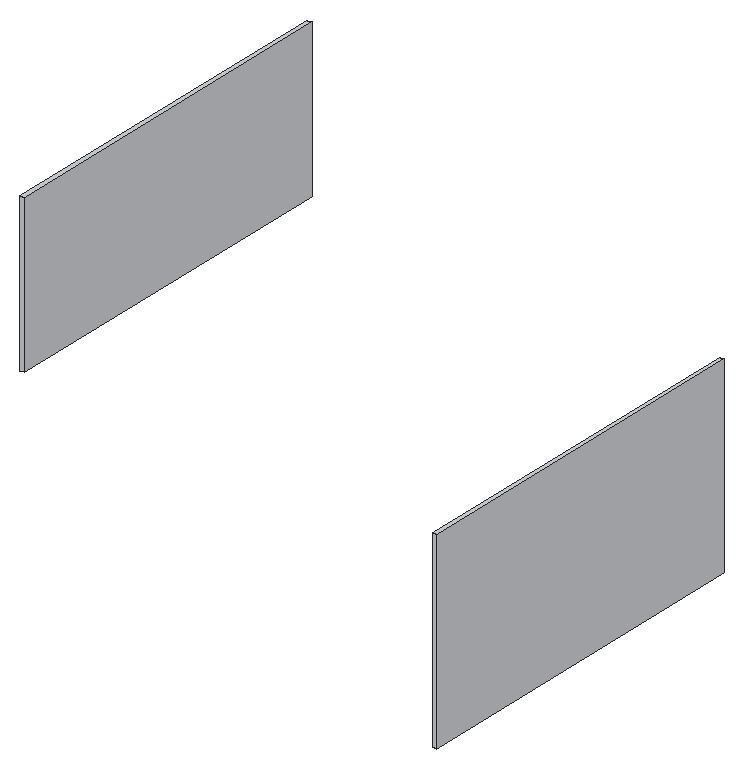
Revit family "EKF500E3 BIM position 1", category Mechanical Equipment, Revit 2013
Parameters (values of type "EKF500E3")
  Width = "850 mm"
  Weight = "130 kg"
  Warranty period = "Unit 2 years                                    Motor 5 years"
  Sub Type = "Lo-Carbon Kitchen Box Fan"
  Width (including handles) = "929 mm"
  Height (inclusing controller) = "1017 mm"
  Product Description = "Lo-Carbon Kitchen Box Fan"
  Part Number = "EKF500E3"
  Operating Temperature = "(-20C to +40C)"
  Maximum In-Duct Temperature = "120 Degrees C"
  Motor Rating = "1.71kW Max"
  Manufacturer - Website = "www.vent-axia.com"
  Manufacturer - Name = "Vent-Axia Ltd"
  Manufacturer - Email = "sales@vent-axia.com"
  Manufacturer - Contact Phone = "0844 856 0590"
  Manufacturer - Address = "Fleming Way, Crawley, West Sussex RH10 9YX"
  IP Rating = "IP54"
  Height = "850 mm"
  Length = "850 mm"
  Family = "In-Line Range"
  Country of Manufacture = "UK"
  Category = "Lo-Carbon Kitchen Box Fan"
  AC Voltage Input = "380-415V AC Three Phase"
  AC Frequency Input = "50 Hz"
Reference planes
  plane 1 "Center (Front/Back)": y = 0
  plane 2: z = 0
  plane 3 "Center (Left/Right)": x = 0
  plane 4: y = 464.5
  plane 5: y = -464.5
  plane 6: x = -425
  plane 7: x = 425
  plane 8: z = 535
  plane 9: z = 508.5
  plane 10: z = -508.5
Forms (mm)
  Extrusion 1, solid, detail levels coarse+medium
    sketch origin (-1239.08, 268.949, -45.414) x (1, 0, 0) y (0, 1, 0)
      loop
        line (748.906, 275.954) -> (748.906, -849.574) -> (1723.743, -849.574) -> (1723.743, 275.954) -> (748.906, 275.954)
    from -528.48 to 592.522
  Extrusion 2, solid
    sketch origin (0, 0, 0) x (0, 1, 0) y (0, 0, 1)
      loop
        line (364.007, -50) -> (-365.993, -50) -> (-365.993, -440) -> (364.007, -440) -> (364.007, -50)
    from 416.826 to 424.826
  Extrusion 3, solid
    sketch origin (0, 0, 0) x (0, 1, 0) y (0, 0, 1)
      loop
        line (364.007, 270) -> (-365.993, 270) -> (-365.993, -48.5) -> (364.007, -48.5) -> (364.007, 270)
    from -425.174 to -415.174
Dimensions and locks
  plane 6 to plane 7 = 850 mm
  import instance to import instance = 730 mm
  plane 5 to plane 4 = 929 mm
Connectors
  hvac at (416.826, -0.993, -245)
    settings: on import instance, index 1, duct flow 0.0 L/s, flow factor 0, pres drop 0.0 Pa, loss coef 0, conn angle 0.00°, conn width 730 mm, conn height 390 mm, conn radius 304.8 mm, duct sys type 2, conn prof type 1, flow config 0, flow direction 1, loss method 0, conn ref index -1, conn util no, is conn primary yes, conn desc ""
  hvac at (-415.174, -0.993, 110.75)
    settings: on import instance, index 2, duct flow 0.0 L/s, flow factor 0, pres drop 0.0 Pa, loss coef 0, conn angle 0.00°, conn width 730 mm, conn height 319 mm, conn radius 304.8 mm, duct sys type 2, conn prof type 1, flow config 0, flow direction 2, loss method 0, conn ref index -1, conn util no, is conn primary no, conn desc ""
